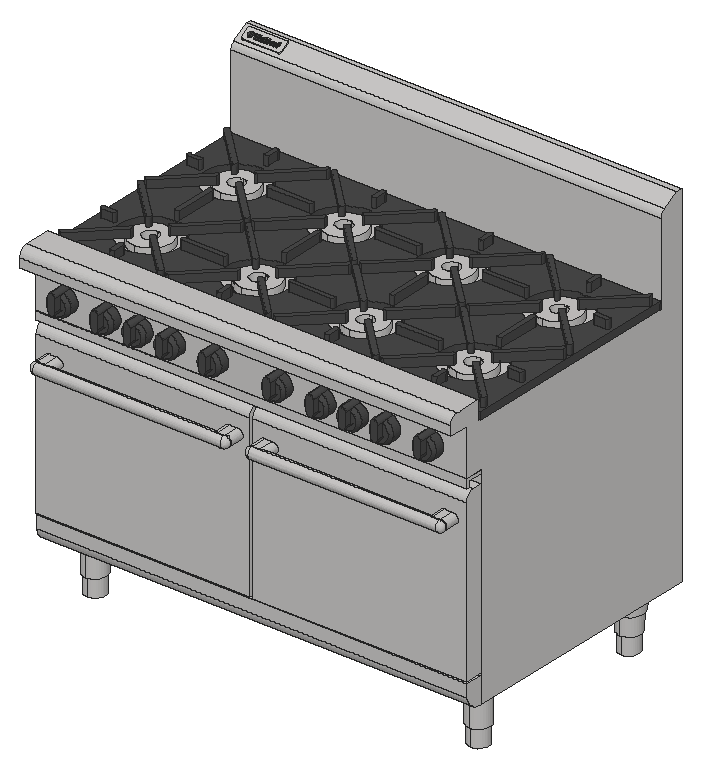
Revit family "QF_MOFFAT WALDORF_RN8820G", category Specialty Equipment, Revit 2012 (continued)
Lines and regions (mm)
  Split face 10
    outline origin (135, -16.5, 1130) x (0, -0.866025, -0.5) y (1, 0, 0)
      loop
        line (34.599, 257.5) -> (1.962, 257.5) -> (1.962, 237.5) -> (34.599, 237.5) -> (34.599, 257.5)
  Split face 11
    outline origin (189, -16.5, 1130) x (0, -0.866025, -0.5) y (1, 0, 0)
      loop
        line (34.599, 230.5) -> (1.962, 230.5) -> (1.962, 210.5) -> (34.599, 210.5) -> (34.599, 230.5)
  Split face 12
    outline origin (189, -16.5, 1130) x (0, -0.866025, -0.5) y (1, 0, 0)
      loop
        line (34.599, 257.5) -> (1.962, 257.5) -> (1.962, 237.5) -> (34.599, 237.5) -> (34.599, 257.5)
  Split face 13
    outline origin (270, -16.5, 1130) x (0, -0.866025, -0.5) y (1, 0, 0)
      loop
        line (34.599, 203.5) -> (1.962, 203.5) -> (1.962, 183.5) -> (34.599, 183.5) -> (34.599, 203.5)
  Split face 14
    outline origin (270, -16.5, 1130) x (0, -0.866025, -0.5) y (1, 0, 0)
      loop
        line (34.599, 230.5) -> (1.962, 230.5) -> (1.962, 210.5) -> (34.599, 210.5) -> (34.599, 230.5)
  Split face 15
    outline origin (270, -16.5, 1130) x (0, -0.866025, -0.5) y (1, 0, 0)
      loop
        line (34.599, 257.5) -> (1.962, 257.5) -> (1.962, 237.5) -> (34.599, 237.5) -> (34.599, 257.5)
  Split face 16
    outline origin (324, -16.5, 1130) x (0, -0.866025, -0.5) y (1, 0, 0)
      loop
        line (34.599, 230.5) -> (1.962, 230.5) -> (1.962, 210.5) -> (34.599, 210.5) -> (34.599, 230.5)
  Split face 17
    outline origin (324, -16.5, 1130) x (0, -0.866025, -0.5) y (1, 0, 0)
      loop
        line (34.599, 257.5) -> (1.962, 257.5) -> (1.962, 237.5) -> (34.599, 237.5) -> (34.599, 257.5)
  Split face 18
    outline origin (405, -16.5, 1130) x (0, -0.866025, -0.5) y (1, 0, 0)
      loop
        line (34.599, 203.5) -> (1.962, 203.5) -> (1.962, 183.5) -> (34.599, 183.5) -> (34.599, 203.5)
  Split face 19
    outline origin (405, -16.5, 1130) x (0, -0.866025, -0.5) y (1, 0, 0)
      loop
        line (34.599, 230.5) -> (1.962, 230.5) -> (1.962, 210.5) -> (34.599, 210.5) -> (34.599, 230.5)
  Split face 20
    outline origin (405, -16.5, 1130) x (0, -0.866025, -0.5) y (1, 0, 0)
      loop
        line (34.599, 257.5) -> (1.962, 257.5) -> (1.962, 237.5) -> (34.599, 237.5) -> (34.599, 257.5)
  Split face 21
    outline origin (459, -16.5, 1130) x (0, -0.866025, -0.5) y (1, 0, 0)
      loop
        line (34.599, 230.5) -> (1.962, 230.5) -> (1.962, 210.5) -> (34.599, 210.5) -> (34.599, 230.5)
  Split face 22
    outline origin (459, -16.5, 1130) x (0, -0.866025, -0.5) y (1, 0, 0)
      loop
        line (34.599, 257.5) -> (1.962, 257.5) -> (1.962, 237.5) -> (34.599, 237.5) -> (34.599, 257.5)
  Split face 23
    outline origin (540, -16.5, 1130) x (0, -0.866025, -0.5) y (1, 0, 0)
      loop
        line (34.599, 203.5) -> (1.962, 203.5) -> (1.962, 183.5) -> (34.599, 183.5) -> (34.599, 203.5)
  Split face 24
    outline origin (540, -16.5, 1130) x (0, -0.866025, -0.5) y (1, 0, 0)
      loop
        line (34.599, 230.5) -> (1.962, 230.5) -> (1.962, 210.5) -> (34.599, 210.5) -> (34.599, 230.5)
  Split face 25
    outline origin (540, -16.5, 1130) x (0, -0.866025, -0.5) y (1, 0, 0)
      loop
        line (34.599, 257.5) -> (1.962, 257.5) -> (1.962, 237.5) -> (34.599, 237.5) -> (34.599, 257.5)
  Split face 26
    outline origin (594, -16.5, 1130) x (0, -0.866025, -0.5) y (1, 0, 0)
      loop
        line (34.599, 230.5) -> (1.962, 230.5) -> (1.962, 210.5) -> (34.599, 210.5) -> (34.599, 230.5)
  Split face 27
    outline origin (594, -16.5, 1130) x (0, -0.866025, -0.5) y (1, 0, 0)
      loop
        line (34.599, 257.5) -> (1.962, 257.5) -> (1.962, 237.5) -> (34.599, 237.5) -> (34.599, 257.5)
  Split face 28
    outline origin (648, -16.5, 1130) x (0, -0.866025, -0.5) y (1, 0, 0)
      loop
        line (34.599, 230.5) -> (1.962, 230.5) -> (1.962, 210.5) -> (34.599, 210.5) -> (34.599, 230.5)
  Split face 29
    outline origin (648, -16.5, 1130) x (0, -0.866025, -0.5) y (1, 0, 0)
      loop
        line (34.599, 257.5) -> (1.962, 257.5) -> (1.962, 237.5) -> (34.599, 237.5) -> (34.599, 257.5)
  Split face 30
    outline origin (702, -16.5, 1130) x (0, -0.866025, -0.5) y (1, 0, 0)
      loop
        line (34.599, 230.5) -> (1.962, 230.5) -> (1.962, 210.5) -> (34.599, 210.5) -> (34.599, 230.5)
  Split face 31
    outline origin (702, -16.5, 1130) x (0, -0.866025, -0.5) y (1, 0, 0)
      loop
        line (34.599, 257.5) -> (1.962, 257.5) -> (1.962, 237.5) -> (34.599, 237.5) -> (34.599, 257.5)
  Split face 32
    outline origin (756, -16.5, 1130) x (0, -0.866025, -0.5) y (1, 0, 0)
      loop
        line (34.599, 230.5) -> (1.962, 230.5) -> (1.962, 210.5) -> (34.599, 210.5) -> (34.599, 230.5)
  Split face 33
    outline origin (756, -16.5, 1130) x (0, -0.866025, -0.5) y (1, 0, 0)
      loop
        line (34.599, 257.5) -> (1.962, 257.5) -> (1.962, 237.5) -> (34.599, 237.5) -> (34.599, 257.5)
  Split face 34
    outline origin (810, -16.5, 1130) x (0, -0.866025, -0.5) y (1, 0, 0)
      loop
        line (34.599, 230.5) -> (1.962, 230.5) -> (1.962, 210.5) -> (34.599, 210.5) -> (34.599, 230.5)
  Split face 35
    outline origin (810, -16.5, 1130) x (0, -0.866025, -0.5) y (1, 0, 0)
      loop
        line (34.599, 257.5) -> (1.962, 257.5) -> (1.962, 237.5) -> (34.599, 237.5) -> (34.599, 257.5)
  Split face 36
    outline origin (864, -16.5, 1130) x (0, -0.866025, -0.5) y (1, 0, 0)
      loop
        line (34.599, 230.5) -> (1.962, 230.5) -> (1.962, 210.5) -> (34.599, 210.5) -> (34.599, 230.5)
  Split face 37
    outline origin (1070, -749, 866) x (-1, 0, 0) y (0, 0, -1)
      loop
        circle (236.499, 99.286) r 6
  symbolic lines
    curve 1: line (0, 0, 0) -> (0, -805, 0)
    curve 2: line (1200, 0, 0) -> (0, 0, 0)
    curve 3: line (1200, -805, 0) -> (1200, 0, 0)
    curve 4: line (0, -70, 0) -> (1200, -70, 0)
    curve 5: line (12.5, -51.234, 0) -> (12.5, -20.958, 0)
    curve 6: line (12.5, -20.958, 0) -> (121.5, -20.958, 0)
    curve 7: line (12.5, -51.234, 0) -> (121.5, -51.234, 0)
    curve 8: line (121.5, -20.958, 0) -> (121.5, -51.234, 0)
    curve 9: line (129.583, -22.262, 0) -> (129.583, -50.526, 0)
    curve 10: line (129.583, -50.526, 0) -> (149.583, -50.526, 0)
    curve 11: line (149.583, -50.526, 0) -> (149.583, -22.262, 0)
    curve 12: line (149.583, -22.262, 0) -> (129.583, -22.262, 0)
    curve 13: line (156.5, -22.262, 0) -> (156.5, -50.526, 0)
    curve 14: line (156.5, -50.526, 0) -> (176.5, -50.526, 0)
    curve 15: line (176.5, -50.526, 0) -> (176.5, -22.262, 0)
    curve 16: line (176.5, -22.262, 0) -> (156.5, -22.262, 0)
    curve 17: line (183.5, -22.262, 0) -> (183.5, -50.526, 0)
    curve 18: line (183.5, -50.526, 0) -> (203.5, -50.526, 0)
    curve 19: line (203.5, -50.526, 0) -> (203.5, -22.262, 0)
    curve 20: line (203.5, -22.262, 0) -> (183.5, -22.262, 0)
    curve 21: line (210.5, -22.262, 0) -> (210.5, -50.526, 0)
    curve 22: line (210.5, -50.526, 0) -> (230.5, -50.526, 0)
    curve 23: line (230.5, -50.526, 0) -> (230.5, -22.262, 0)
    curve 24: line (230.5, -22.262, 0) -> (210.5, -22.262, 0)
    curve 25: line (1200, -805, 0) -> (0, -805, 0)
    curve 26: line (237.5, -22.262, 0) -> (237.5, -50.526, 0)
    curve 27: line (237.5, -50.526, 0) -> (257.5, -50.526, 0)
    curve 28: line (257.5, -50.526, 0) -> (257.5, -22.262, 0)
    curve 29: line (257.5, -22.262, 0) -> (237.5, -22.262, 0)
    curve 30: line (1200, -709, 0) -> (0, -709, 0)
    curve 31: line (0, -705.7, 0) -> (1200, -705.7, 0)
    curve 32: line (1200, -72.734, 0) -> (0, -72.734, 0)
    curve 33: arc (22.65, -805, 0) -> (34.104, -815.278, 0) -> (48.889, -819.544, 0) r 34.455
    curve 34: line (48.889, -819.544, 0) -> (535.999, -819.544, 0)
    curve 35: arc (535.999, -819.544, 0) -> (550.543, -815.647, 0) -> (561.19, -805, 0) r 29.089
    curve 36: line (6.08, -94.387, 0) -> (121.515, -209.822, 0)
    curve 37: line (293.92, -94.387, 0) -> (178.485, -209.822, 0)
    curve 38: line (6.08, -380.613, 0) -> (121.515, -265.178, 0)
    curve 39: line (293.92, -380.613, 0) -> (178.485, -265.178, 0)
    curve 40: line (362.78, -237.81, 0) -> (237.78, -237.81, 0)
    curve 41: line (362.78, -537.81, 0) -> (237.78, -537.81, 0)
    curve 42: line (6.08, -394.655, 0) -> (121.515, -510.089, 0)
    curve 43: line (293.92, -394.655, 0) -> (178.485, -510.089, 0)
    curve 44: line (6.08, -680.881, 0) -> (121.515, -565.446, 0)
    curve 45: line (293.92, -680.881, 0) -> (178.485, -565.446, 0)
    curve 46: arc (150, -294.5, 0) -> (207, -237.5, 0) -> (150, -180.5, 0) r 57
    curve 47: arc (150, -180.5, 0) -> (93, -237.5, 0) -> (150, -294.5, 0) r 57
    curve 48: arc (150, -594.5, 0) -> (207, -537.5, 0) -> (150, -480.5, 0) r 57
    curve 49: arc (150, -480.5, 0) -> (93, -537.5, 0) -> (150, -594.5, 0) r 57
    curve 50: line (264.5, -22.262, 0) -> (264.5, -50.526, 0)
    curve 51: line (264.5, -50.526, 0) -> (284.5, -50.526, 0)
    curve 52: line (284.5, -50.526, 0) -> (284.5, -22.262, 0)
    curve 53: line (284.5, -22.262, 0) -> (264.5, -22.262, 0)
    curve 54: line (291.5, -22.262, 0) -> (291.5, -50.526, 0)
    curve 55: line (291.5, -50.526, 0) -> (311.5, -50.526, 0)
    curve 56: line (311.5, -50.526, 0) -> (311.5, -22.262, 0)
    curve 57: line (311.5, -22.262, 0) -> (291.5, -22.262, 0)
    curve 58: line (318.5, -22.262, 0) -> (318.5, -50.526, 0)
    curve 59: line (318.5, -50.526, 0) -> (338.5, -50.526, 0)
    curve 60: line (338.5, -50.526, 0) -> (338.5, -22.262, 0)
    curve 61: line (338.5, -22.262, 0) -> (318.5, -22.262, 0)
    curve 62: line (345.5, -22.262, 0) -> (345.5, -50.526, 0)
    curve 63: line (345.5, -50.526, 0) -> (365.5, -50.526, 0)
    curve 64: line (365.5, -50.526, 0) -> (365.5, -22.262, 0)
    curve 65: line (365.5, -22.262, 0) -> (345.5, -22.262, 0)
    curve 66: line (372.5, -22.262, 0) -> (372.5, -50.526, 0)
    curve 67: line (372.5, -50.526, 0) -> (392.5, -50.526, 0)
    curve 68: line (392.5, -50.526, 0) -> (392.5, -22.262, 0)
    curve 69: line (392.5, -22.262, 0) -> (372.5, -22.262, 0)
    curve 70: line (399.5, -22.262, 0) -> (399.5, -50.526, 0)
    curve 71: line (399.5, -50.526, 0) -> (419.5, -50.526, 0)
    curve 72: line (419.5, -50.526, 0) -> (419.5, -22.262, 0)
    curve 73: line (419.5, -22.262, 0) -> (399.5, -22.262, 0)
    curve 74: line (426.5, -22.262, 0) -> (426.5, -50.526, 0)
    curve 75: line (426.5, -50.526, 0) -> (446.5, -50.526, 0)
    curve 76: line (446.5, -50.526, 0) -> (446.5, -22.262, 0)
    curve 77: line (446.5, -22.262, 0) -> (426.5, -22.262, 0)
    curve 78: line (453.5, -22.262, 0) -> (453.5, -50.526, 0)
    curve 79: line (453.5, -50.526, 0) -> (473.5, -50.526, 0)
    curve 80: line (473.5, -50.526, 0) -> (473.5, -22.262, 0)
    curve 81: line (473.5, -22.262, 0) -> (453.5, -22.262, 0)
    curve 82: line (480.5, -22.262, 0) -> (480.5, -50.526, 0)
    curve 83: line (480.5, -50.526, 0) -> (500.5, -50.526, 0)
    curve 84: line (500.5, -50.526, 0) -> (500.5, -22.262, 0)
    curve 85: line (500.5, -22.262, 0) -> (480.5, -22.262, 0)
    curve 86: line (507.5, -22.262, 0) -> (507.5, -50.526, 0)
    curve 87: line (507.5, -50.526, 0) -> (527.5, -50.526, 0)
    curve 88: line (527.5, -50.526, 0) -> (527.5, -22.262, 0)
    curve 89: line (527.5, -22.262, 0) -> (507.5, -22.262, 0)
    curve 90: line (534.5, -22.262, 0) -> (534.5, -50.526, 0)
    curve 91: line (534.5, -50.526, 0) -> (554.5, -50.526, 0)
    curve 92: line (554.5, -50.526, 0) -> (554.5, -22.262, 0)
    curve 93: line (554.5, -22.262, 0) -> (534.5, -22.262, 0)
    curve 94: line (561.5, -22.262, 0) -> (561.5, -50.526, 0)
    curve 95: line (561.5, -50.526, 0) -> (581.5, -50.526, 0)
    curve 96: line (581.5, -50.526, 0) -> (581.5, -22.262, 0)
    curve 97: line (581.5, -22.262, 0) -> (561.5, -22.262, 0)
    curve 98: line (588.5, -22.262, 0) -> (588.5, -50.526, 0)
    curve 99: line (588.5, -50.526, 0) -> (608.5, -50.526, 0)
    curve 100: line (608.5, -50.526, 0) -> (608.5, -22.262, 0)
    curve 101: line (608.5, -22.262, 0) -> (588.5, -22.262, 0)
    curve 102: line (615.5, -22.262, 0) -> (615.5, -50.526, 0)
    curve 103: line (615.5, -50.526, 0) -> (635.5, -50.526, 0)
    curve 104: line (635.5, -50.526, 0) -> (635.5, -22.262, 0)
    curve 105: line (635.5, -22.262, 0) -> (615.5, -22.262, 0)
    curve 106: line (642.5, -22.262, 0) -> (642.5, -50.526, 0)
    curve 107: line (642.5, -50.526, 0) -> (662.5, -50.526, 0)
    curve 108: line (662.5, -50.526, 0) -> (662.5, -22.262, 0)
    curve 109: line (662.5, -22.262, 0) -> (642.5, -22.262, 0)
    curve 110: line (669.5, -22.262, 0) -> (669.5, -50.526, 0)
    curve 111: line (669.5, -50.526, 0) -> (689.5, -50.526, 0)
    curve 112: line (689.5, -50.526, 0) -> (689.5, -22.262, 0)
    curve 113: line (689.5, -22.262, 0) -> (669.5, -22.262, 0)
    curve 114: line (696.5, -22.262, 0) -> (696.5, -50.526, 0)
    curve 115: line (696.5, -50.526, 0) -> (716.5, -50.526, 0)
    curve 116: line (716.5, -50.526, 0) -> (716.5, -22.262, 0)
    curve 117: line (716.5, -22.262, 0) -> (696.5, -22.262, 0)
    curve 118: line (723.5, -22.262, 0) -> (723.5, -50.526, 0)
    curve 119: line (723.5, -50.526, 0) -> (743.5, -50.526, 0)
    curve 120: line (743.5, -50.526, 0) -> (743.5, -22.262, 0)
    curve 121: line (743.5, -22.262, 0) -> (723.5, -22.262, 0)
    curve 122: line (750.5, -22.262, 0) -> (750.5, -50.526, 0)
    curve 123: line (750.5, -50.526, 0) -> (770.5, -50.526, 0)
    curve 124: line (770.5, -50.526, 0) -> (770.5, -22.262, 0)
    curve 125: line (770.5, -22.262, 0) -> (750.5, -22.262, 0)
    curve 126: line (777.5, -22.262, 0) -> (777.5, -50.526, 0)
    curve 127: line (777.5, -50.526, 0) -> (797.5, -50.526, 0)
    curve 128: line (797.5, -50.526, 0) -> (797.5, -22.262, 0)
    curve 129: line (797.5, -22.262, 0) -> (777.5, -22.262, 0)
    curve 130: line (804.5, -22.262, 0) -> (804.5, -50.526, 0)
    curve 131: line (804.5, -50.526, 0) -> (824.5, -50.526, 0)
    curve 132: line (824.5, -50.526, 0) -> (824.5, -22.262, 0)
    curve 133: line (824.5, -22.262, 0) -> (804.5, -22.262, 0)
    curve 134: line (831.5, -22.262, 0) -> (831.5, -50.526, 0)
    curve 135: line (831.5, -50.526, 0) -> (851.5, -50.526, 0)
    curve 136: line (851.5, -50.526, 0) -> (851.5, -22.262, 0)
    curve 137: line (851.5, -22.262, 0) -> (831.5, -22.262, 0)
    curve 138: line (858.5, -22.262, 0) -> (858.5, -50.526, 0)
    curve 139: line (858.5, -50.526, 0) -> (878.5, -50.526, 0)
    curve 140: line (878.5, -50.526, 0) -> (878.5, -22.262, 0)
    curve 141: line (878.5, -22.262, 0) -> (858.5, -22.262, 0)
    curve 142: line (885.5, -22.262, 0) -> (885.5, -50.526, 0)
    curve 143: line (885.5, -50.526, 0) -> (905.5, -50.526, 0)
    curve 144: line (905.5, -50.526, 0) -> (905.5, -22.262, 0)
    curve 145: line (905.5, -22.262, 0) -> (885.5, -22.262, 0)
    curve 146: line (912.5, -22.262, 0) -> (912.5, -50.526, 0)
    curve 147: line (912.5, -50.526, 0) -> (932.5, -50.526, 0)
    curve 148: line (932.5, -50.526, 0) -> (932.5, -22.262, 0)
    curve 149: line (932.5, -22.262, 0) -> (912.5, -22.262, 0)
    curve 150: line (939.5, -22.262, 0) -> (939.5, -50.526, 0)
    curve 151: line (939.5, -50.526, 0) -> (959.5, -50.526, 0)
    curve 152: line (959.5, -50.526, 0) -> (959.5, -22.262, 0)
    curve 153: line (959.5, -22.262, 0) -> (939.5, -22.262, 0)
    curve 154: line (966.5, -22.262, 0) -> (966.5, -50.526, 0)
    curve 155: line (966.5, -50.526, 0) -> (986.5, -50.526, 0)
    curve 156: line (986.5, -50.526, 0) -> (986.5, -22.262, 0)
    curve 157: line (986.5, -22.262, 0) -> (966.5, -22.262, 0)
    curve 158: line (993.5, -22.262, 0) -> (993.5, -50.526, 0)
    curve 159: line (993.5, -50.526, 0) -> (1013.5, -50.526, 0)
    curve 160: line (1013.5, -50.526, 0) -> (1013.5, -22.262, 0)
    curve 161: line (1013.5, -22.262, 0) -> (993.5, -22.262, 0)
    curve 162: line (1020.5, -22.262, 0) -> (1020.5, -50.526, 0)
    curve 163: line (1020.5, -50.526, 0) -> (1040.5, -50.526, 0)
    curve 164: line (1040.5, -50.526, 0) -> (1040.5, -22.262, 0)
    curve 165: line (1040.5, -22.262, 0) -> (1020.5, -22.262, 0)
    curve 166: line (1047.5, -22.262, 0) -> (1047.5, -50.526, 0)
    curve 167: line (1047.5, -50.526, 0) -> (1067.5, -50.526, 0)
    curve 168: line (1067.5, -50.526, 0) -> (1067.5, -22.262, 0)
    curve 169: line (1067.5, -22.262, 0) -> (1047.5, -22.262, 0)
    curve 170: line (1074.5, -22.262, 0) -> (1074.5, -50.526, 0)
    curve 171: line (1074.5, -50.526, 0) -> (1094.5, -50.526, 0)
    curve 172: line (1094.5, -50.526, 0) -> (1094.5, -22.262, 0)
    curve 173: line (1094.5, -22.262, 0) -> (1074.5, -22.262, 0)
    curve 174: line (306.08, -94.387, 0) -> (421.515, -209.822, 0)
    curve 175: line (593.92, -94.387, 0) -> (478.485, -209.822, 0)
    curve 176: line (306.08, -380.613, 0) -> (421.515, -265.178, 0)
    curve 177: line (593.92, -380.613, 0) -> (478.485, -265.178, 0)
    curve 178: line (662.78, -237.81, 0) -> (537.78, -237.81, 0)
    curve 179: arc (450, -294.5, 0) -> (507, -237.5, 0) -> (450, -180.5, 0) r 57
    curve 180: arc (450, -180.5, 0) -> (393, -237.5, 0) -> (450, -294.5, 0) r 57
    curve 181: arc (750, -294.5, 0) -> (807, -237.5, 0) -> (750, -180.5, 0) r 57
    curve 182: arc (750, -180.5, 0) -> (693, -237.5, 0) -> (750, -294.5, 0) r 57
    curve 183: arc (1050, -294.5, 0) -> (1107, -237.5, 0) -> (1050, -180.5, 0) r 57
    curve 184: arc (1050, -180.5, 0) -> (993, -237.5, 0) -> (1050, -294.5, 0) r 57
    curve 185: line (606.08, -94.387, 0) -> (721.515, -209.822, 0)
    curve 186: line (893.92, -94.387, 0) -> (778.485, -209.822, 0)
    curve 187: line (606.08, -380.613, 0) -> (721.515, -265.178, 0)
    curve 188: line (893.92, -380.613, 0) -> (778.485, -265.178, 0)
    curve 189: line (962.78, -237.81, 0) -> (837.78, -237.81, 0)
    curve 190: line (906.08, -94.387, 0) -> (1021.515, -209.822, 0)
    curve 191: line (1193.92, -94.387, 0) -> (1078.485, -209.822, 0)
    curve 192: line (906.08, -380.613, 0) -> (1021.515, -265.178, 0)
    curve 193: line (1193.92, -380.613, 0) -> (1078.485, -265.178, 0)
    curve 194: line (906.08, -394.387, 0) -> (1021.515, -509.822, 0)
    curve 195: line (1193.92, -394.387, 0) -> (1078.485, -509.822, 0)
    curve 196: line (906.08, -680.613, 0) -> (1021.515, -565.178, 0)
    curve 197: line (1193.92, -680.613, 0) -> (1078.485, -565.178, 0)
    curve 198: line (306.08, -394.655, 0) -> (421.515, -510.089, 0)
    curve 199: line (593.92, -394.655, 0) -> (478.485, -510.089, 0)
    curve 200: line (306.08, -680.881, 0) -> (421.515, -565.446, 0)
    curve 201: line (593.92, -680.881, 0) -> (478.485, -565.446, 0)
    curve 202: line (606.08, -394.655, 0) -> (721.515, -510.089, 0)
    curve 203: line (893.92, -394.655, 0) -> (778.485, -510.089, 0)
    curve 204: line (606.08, -680.881, 0) -> (721.515, -565.446, 0)
    curve 205: line (893.92, -680.881, 0) -> (778.485, -565.446, 0)
    curve 206: line (149.618, -450.258, 0) -> (149.618, -325.258, 0)
    curve 207: line (449.618, -450.258, 0) -> (449.618, -325.258, 0)
    curve 208: line (749.618, -450.258, 0) -> (749.618, -325.258, 0)
    curve 209: line (1049.618, -450.258, 0) -> (1049.618, -325.258, 0)
    curve 210: line (662.78, -537.81, 0) -> (537.78, -537.81, 0)
    curve 211: line (962.78, -537.81, 0) -> (837.78, -537.81, 0)
    curve 212: line (149.197, -139.807, 0) -> (149.197, -94.807, 0)
    curve 213: line (149.197, -674.807, 0) -> (149.197, -634.807, 0)
    curve 214: line (449.197, -139.807, 0) -> (449.197, -94.807, 0)
    curve 215: line (449.197, -674.807, 0) -> (449.197, -634.807, 0)
    curve 216: line (749.197, -139.807, 0) -> (749.197, -94.807, 0)
    curve 217: line (749.197, -674.807, 0) -> (749.197, -634.807, 0)
    curve 218: line (1049.197, -139.807, 0) -> (1049.197, -94.807, 0)
    curve 219: line (1049.197, -674.807, 0) -> (1049.197, -634.807, 0)
    curve 220: line (49.678, -236.51, 0) -> (14.678, -236.51, 0)
    curve 221: line (49.678, -536.51, 0) -> (14.678, -536.51, 0)
    curve 222: line (1150.322, -236.51, 0) -> (1185.322, -236.51, 0)
    curve 223: line (1150.322, -536.51, 0) -> (1185.322, -536.51, 0)
    curve 230: arc (450, -594.5, 0) -> (507, -537.5, 0) -> (450, -480.5, 0) r 57
    curve 231: arc (450, -480.5, 0) -> (393, -537.5, 0) -> (450, -594.5, 0) r 57
    curve 232: arc (750, -480.5, 0) -> (693, -537.5, 0) -> (750, -594.5, 0) r 57
    curve 233: arc (750, -594.5, 0) -> (807, -537.5, 0) -> (750, -480.5, 0) r 57
    curve 234: arc (1050, -480.5, 0) -> (993, -537.5, 0) -> (1050, -594.5, 0) r 57
    curve 235: arc (1050, -594.5, 0) -> (1107, -537.5, 0) -> (1050, -480.5, 0) r 57
    curve 236: arc (637.65, -805, 0) -> (649.104, -815.278, 0) -> (663.889, -819.544, 0) r 34.455
    curve 237: line (663.889, -819.544, 0) -> (1150.999, -819.544, 0)
    curve 238: arc (1150.999, -819.544, 0) -> (1165.543, -815.647, 0) -> (1176.19, -805, 0) r 29.089
    curve 239: line (299.864, -72.734, 0) -> (299.864, -705.7, 0)
    curve 240: line (599.864, -72.734, 0) -> (599.864, -705.7, 0)
    curve 241: line (899.864, -72.734, 0) -> (899.864, -705.7, 0)
    curve 242: line (0, -387.5, 0) -> (1200, -387.5, 0)
    curve 243: arc (1050, -322.5, 0) -> (965, -237.5, 0) -> (1050, -152.5, 0) r 85
    curve 244: arc (1050, -152.5, 0) -> (1135, -237.5, 0) -> (1050, -322.5, 0) r 85
    curve 245: arc (1050, -622.768, 0) -> (965, -537.768, 0) -> (1050, -452.768, 0) r 85
    curve 246: arc (1050, -452.768, 0) -> (1135, -537.768, 0) -> (1050, -622.768, 0) r 85
    curve 247: arc (750, -152.5, 0) -> (835, -237.5, 0) -> (750, -322.5, 0) r 85
    curve 248: arc (750, -322.5, 0) -> (665, -237.5, 0) -> (750, -152.5, 0) r 85
    curve 249: arc (750, -452.768, 0) -> (835, -537.768, 0) -> (750, -622.768, 0) r 85
    curve 250: arc (750, -622.768, 0) -> (665, -537.768, 0) -> (750, -452.768, 0) r 85
    curve 251: arc (450, -452.768, 0) -> (535, -537.768, 0) -> (450, -622.768, 0) r 85
    curve 252: arc (450, -622.768, 0) -> (365, -537.768, 0) -> (450, -452.768, 0) r 85
    curve 253: arc (450, -152.5, 0) -> (535, -237.5, 0) -> (450, -322.5, 0) r 85
    curve 254: arc (450, -322.5, 0) -> (365, -237.5, 0) -> (450, -152.5, 0) r 85
    curve 255: arc (150, -152.5, 0) -> (235, -237.5, 0) -> (150, -322.5, 0) r 85
    curve 256: arc (150, -322.5, 0) -> (65, -237.5, 0) -> (150, -152.5, 0) r 85
    curve 257: arc (150, -452.768, 0) -> (235, -537.768, 0) -> (150, -622.768, 0) r 85
    curve 258: arc (150, -622.768, 0) -> (65, -537.768, 0) -> (150, -452.768, 0) r 85
    curve 259: arc (150, -215.5, 0) -> (172, -237.5, 0) -> (150, -259.5, 0) r 22
    curve 260: arc (150, -259.5, 0) -> (128, -237.5, 0) -> (150, -215.5, 0) r 22
    curve 261: arc (450, -215.5, 0) -> (472, -237.5, 0) -> (450, -259.5, 0) r 22
    curve 262: arc (450, -259.5, 0) -> (428, -237.5, 0) -> (450, -215.5, 0) r 22
    curve 263: arc (750, -215.5, 0) -> (772, -237.5, 0) -> (750, -259.5, 0) r 22
    curve 264: arc (750, -259.5, 0) -> (728, -237.5, 0) -> (750, -215.5, 0) r 22
    curve 265: arc (1050, -215.5, 0) -> (1072, -237.5, 0) -> (1050, -259.5, 0) r 22
    curve 266: arc (1050, -259.5, 0) -> (1028, -237.5, 0) -> (1050, -215.5, 0) r 22
    curve 267: arc (1050, -515.5, 0) -> (1072, -537.5, 0) -> (1050, -559.5, 0) r 22
    curve 268: arc (1050, -559.5, 0) -> (1028, -537.5, 0) -> (1050, -515.5, 0) r 22
    curve 269: arc (750, -515.5, 0) -> (772, -537.5, 0) -> (750, -559.5, 0) r 22
    curve 270: arc (750, -559.5, 0) -> (728, -537.5, 0) -> (750, -515.5, 0) r 22
    curve 271: arc (450, -515.5, 0) -> (472, -537.5, 0) -> (450, -559.5, 0) r 22
    curve 272: arc (450, -559.5, 0) -> (428, -537.5, 0) -> (450, -515.5, 0) r 22
    curve 273: arc (150, -515.5, 0) -> (172, -537.5, 0) -> (150, -559.5, 0) r 22
    curve 274: arc (150, -559.5, 0) -> (128, -537.5, 0) -> (150, -515.5, 0) r 22
  symbolic lines, style "QF_Door-Drawer Clearances", visible <- "Show Clearance"
    curve 224: line (0, -1218.847, 0) -> (595.449, -1218.847, 0)
    curve 225: line (595.449, -1218.847, 0) -> (595.449, -805, 0)
    curve 226: line (0, -1218.847, 0) -> (0, -805, 0)
    curve 227: line (1200, -1218.847, 0) -> (604.551, -1218.847, 0)
    curve 228: line (604.551, -1218.847, 0) -> (604.551, -805, 0)
    curve 229: line (1200, -1218.847, 0) -> (1200, -805, 0)
Dimensions and locks
  equal spacing: plane 3 "LEFT", plane 7 "Center Y", plane 4 "RIGHT"
  "Width": plane 3 "LEFT" to plane 4 "RIGHT"
  equal spacing: plane 5 "FRONT", plane 8 "Center X", plane 1 "BACK"
  plane 5 "FRONT" to plane 1 "BACK" = 805 mm  (x2)
  equal spacing: plane 4 "RIGHT", plane 7 "Center Y", plane 3 "LEFT"
  plane 4 "RIGHT" to plane 3 "LEFT" = 1200 mm
  "Height": plane 6 "TOP" to level
  plane 10 to plane 1 "BACK" = 574.272 mm
  plane 12 to plane 1 "BACK" = 304.972 mm  (x2)
  plane 11 to plane 3 "LEFT" = 60 mm
  plane 14 to plane 3 "LEFT" = 74 mm
  plane 9 to plane 3 "LEFT" = 280 mm
  "Depth": plane 1 "BACK" to plane 15
  plane 15 to plane 5 "FRONT" = 0 mm
  plane 6 "TOP" to plane 2 = 1130 mm
  locked: plane 2 to Extrusion 1 sketch curve at 861.8
  locked: plane 2 to Extrusion 1 sketch curve at 915
  locked: plane 4 "RIGHT" to plane 16 at 65.5
  Extrusion 8 sketch curve to plane 20 = 64.8 mm
  aligned and locked: level to plane 2
  aligned and locked: curve 3 to plane 4 "RIGHT"
  aligned and locked: Extrusion 1 to plane 4 "RIGHT"
  aligned and locked: plane 16 to Revolve 4
  aligned and locked: plane 16 to Revolve 3
  aligned and locked: plane 4 "RIGHT" to Extrusion 8 sketch curve
  aligned and locked: Extrusion 2 to plane 4 "RIGHT"
  aligned and locked: Extrusion 31 to cut or joined group of Extrusion 2, Extrusion 16
Automatic sketch dimensions
  curve 46 to curve 256 = 0 mm  (x2)
  curve 179 to curve 254 = 0 mm  (x2)
  curve 181 to curve 247 = 0 mm
  curve 181 to curve 248 = 0 mm
  curve 183 to curve 243 = 0 mm  (x2)
  plane 1 "BACK" to curve 1 = 0 mm
  curve 1 to plane 3 "LEFT" = 0 mm
  plane 5 "FRONT" to curve 33 = 0 mm
  plane 3 "LEFT" to curve 38 = 6.08 mm
  plane 3 "LEFT" to curve 42 = 6.08 mm
  plane 3 "LEFT" to curve 36 = 6.08 mm
  plane 3 "LEFT" to curve 44 = 6.08 mm
  plane 3 "LEFT" to curve 7 = 12.5 mm
  plane 3 "LEFT" to curve 221 = 14.678 mm
  plane 3 "LEFT" to curve 220 = 14.678 mm
  plane 3 "LEFT" to curve 33 = 22.65 mm
  curve 33 to plane 11 = 11.111 mm
  curve 220 to plane 11 = 10.322 mm
  curve 221 to plane 11 = 10.322 mm
  curve 33 to plane 11 = 9.192 mm
  plane 17 to curve 8 = 11.042 mm
  plane 14 to curve 8 = 47.5 mm
  plane 10 to curve 44 = 8.826 mm
  plane 14 to curve 44 = 47.515 mm
  plane 14 to curve 36 = 47.515 mm
  plane 14 to curve 38 = 47.515 mm
  plane 14 to curve 42 = 47.515 mm
  curve 7 to curve 9 = 8.083 mm
  curve 44 to curve 213 = 27.682 mm
  plane 14 to curve 212 = 75.197 mm
  curve 9 to curve 10 = 20 mm
  curve 206 to plane 12 = 20.285 mm
  curve 38 to curve 206 = 28.103 mm
  curve 206 to curve 48 = 0.382 mm
  plane 12 to curve 47 = 10.472 mm
  curve 206 to curve 47 = 0.382 mm
  curve 206 to curve 258 = 0.382 mm
  curve 10 to curve 14 = 6.917 mm
  curve 13 to curve 14 = 20 mm
  plane 10 to curve 45 = 8.826 mm
  curve 257 to curve 45 = 28.485 mm
  plane 12 to curve 39 = 39.794 mm
  curve 256 to curve 39 = 28.485 mm
  curve 49 to curve 43 = 28.485 mm
  curve 46 to curve 37 = 28.485 mm
  curve 14 to curve 17 = 7 mm
  plane 17 to curve 20 = 9.738 mm
  curve 17 to curve 20 = 20 mm
  curve 19 to curve 24 = 7 mm
  plane 17 to curve 23 = 9.738 mm
  curve 21 to curve 23 = 20 mm
  curve 23 to curve 26 = 7 mm
  curve 40 to plane 9 = 42.22 mm
  curve 41 to plane 9 = 42.22 mm
  curve 26 to curve 28 = 20 mm
  curve 27 to curve 51 = 7 mm
  plane 9 to curve 53 = 4.5 mm
  curve 52 to curve 57 = 7 mm
  plane 9 to curve 43 = 13.92 mm
  plane 9 to curve 39 = 13.92 mm
  plane 9 to curve 45 = 13.92 mm
  plane 9 to curve 37 = 13.92 mm
  plane 9 to curve 239 = 19.864 mm
  curve 45 to curve 200 = 12.16 mm
  curve 39 to curve 176 = 12.16 mm
  curve 37 to curve 174 = 12.16 mm
  plane 8 "Center X" to curve 198 = 7.845 mm
  curve 43 to curve 198 = 12.16 mm
  plane 17 to curve 57 = 9.738 mm
  curve 54 to curve 57 = 20 mm
  curve 55 to curve 58 = 7 mm
  plane 17 to curve 60 = 9.738 mm
  curve 58 to curve 60 = 20 mm
  curve 60 to curve 65 = 7 mm
  plane 10 to curve 41 = 36.462 mm
  plane 9 to curve 41 = 82.78 mm
  plane 9 to curve 40 = 82.78 mm
  curve 62 to curve 64 = 20 mm
  curve 63 to curve 66 = 7 mm
  curve 66 to curve 68 = 20 mm
  curve 68 to curve 73 = 7 mm
  plane 17 to curve 73 = 9.738 mm
  curve 70 to curve 73 = 20 mm
  curve 40 to curve 174 = 58.735 mm
  plane 10 to curve 198 = 64.183 mm
  curve 41 to curve 198 = 58.735 mm
  plane 12 to curve 176 = 39.794 mm
  curve 176 to curve 174 = 0 mm
  plane 10 to curve 200 = 8.826 mm
  curve 200 to curve 198 = 0 mm
  curve 72 to curve 74 = 7 mm
  plane 17 to curve 77 = 9.738 mm
  curve 74 to curve 77 = 20 mm
  curve 75 to curve 214 = 2.697 mm
  curve 200 to curve 215 = 27.682 mm
  curve 198 to curve 207 = 28.103 mm
  curve 198 to curve 231 = 28.485 mm
  curve 251 to curve 230 = 0 mm
  curve 174 to curve 253 = 28.485 mm
  curve 75 to curve 78 = 7 mm
  curve 78 to curve 79 = 20 mm
  plane 12 to curve 177 = 39.794 mm
  curve 254 to curve 177 = 28.485 mm
  curve 230 to curve 199 = 28.485 mm
  plane 10 to curve 201 = 8.826 mm
  curve 251 to curve 201 = 28.485 mm
  curve 179 to curve 175 = 28.485 mm
  curve 80 to curve 82 = 7 mm
  plane 17 to curve 85 = 9.738 mm
  curve 82 to curve 85 = 20 mm
  curve 84 to curve 89 = 7 mm
  plane 17 to curve 88 = 9.738 mm
  curve 86 to curve 88 = 20 mm
  curve 87 to curve 91 = 7 mm
  curve 34 to plane 7 "Center Y" = 64.001 mm
  curve 210 to plane 7 "Center Y" = 62.22 mm
  curve 178 to plane 7 "Center Y" = 62.22 mm
  plane 17 to curve 92 = 9.738 mm
  curve 90 to curve 92 = 20 mm
  curve 35 to curve 35 = 25.191 mm
  curve 91 to curve 94 = 7 mm
  curve 96 to plane 7 "Center Y" = 18.5 mm
  curve 96 to curve 101 = 7 mm
  curve 199 to plane 7 "Center Y" = 6.08 mm
  curve 177 to plane 7 "Center Y" = 6.08 mm
  curve 175 to plane 7 "Center Y" = 6.08 mm
  curve 201 to plane 7 "Center Y" = 6.08 mm
  curve 224 to plane 7 "Center Y" = 4.551 mm
  curve 240 to plane 7 "Center Y" = 0.136 mm
  plane 7 "Center Y" to curve 228 = 4.551 mm
  plane 7 "Center Y" to curve 187 = 6.08 mm
  plane 7 "Center Y" to curve 185 = 6.08 mm
  plane 7 "Center Y" to curve 202 = 6.08 mm
  plane 7 "Center Y" to curve 204 = 6.08 mm
  plane 7 "Center Y" to curve 100 = 8.5 mm
  curve 100 to curve 102 = 7 mm
  plane 17 to curve 105 = 9.738 mm
  curve 102 to curve 105 = 20 mm
  curve 228 to curve 236 = 33.1 mm
  curve 104 to curve 109 = 7 mm
  plane 17 to curve 108 = 9.738 mm
  curve 106 to curve 108 = 20 mm
  plane 7 "Center Y" to curve 178 = 62.78 mm
  plane 7 "Center Y" to curve 210 = 62.78 mm
  plane 5 "FRONT" to curve 236 = 14.544 mm
  curve 236 to curve 236 = 26.239 mm
  curve 236 to plane 5 "FRONT" = 19.857 mm
  curve 108 to curve 113 = 7 mm
  curve 110 to curve 111 = 20 mm
  curve 111 to curve 115 = 7 mm
  curve 114 to curve 115 = 20 mm
  plane 12 to curve 187 = 39.794 mm
  curve 178 to curve 187 = 58.735 mm
  plane 10 to curve 204 = 8.826 mm
  curve 210 to curve 204 = 58.735 mm
  curve 202 to curve 204 = 0 mm
  curve 185 to curve 187 = 0 mm
  curve 116 to curve 121 = 7 mm
  plane 17 to curve 121 = 9.738 mm
  curve 118 to curve 121 = 20 mm
  curve 204 to curve 217 = 27.682 mm
  curve 185 to curve 216 = 27.682 mm
  curve 208 to plane 12 = 20.285 mm
  curve 187 to curve 208 = 28.103 mm
  curve 185 to curve 247 = 28.485 mm
  curve 208 to curve 233 = 0.382 mm
  curve 249 to curve 232 = 0 mm
  curve 119 to curve 122 = 7 mm
  curve 122 to curve 123 = 20 mm
  curve 123 to curve 126 = 7 mm
  plane 12 to curve 188 = 39.794 mm
  curve 181 to curve 188 = 28.485 mm
  plane 10 to curve 203 = 64.183 mm
  curve 232 to curve 203 = 28.485 mm
  plane 10 to curve 205 = 8.826 mm
  curve 249 to curve 205 = 28.485 mm
  curve 181 to curve 186 = 28.485 mm
  curve 126 to curve 128 = 20 mm
  curve 127 to curve 130 = 7 mm
  curve 130 to curve 132 = 20 mm
  curve 132 to curve 137 = 7 mm
  curve 188 to curve 189 = 59.295 mm
  curve 205 to curve 211 = 59.295 mm
  curve 134 to curve 135 = 20 mm
  curve 136 to curve 138 = 7 mm
  plane 17 to curve 141 = 9.738 mm
  curve 138 to curve 141 = 20 mm
  curve 139 to curve 143 = 7 mm
  curve 188 to plane 13 = 15.641 mm
  curve 189 to curve 188 = 56.14 mm
  plane 8 "Center X" to curve 203 = 7.845 mm
  curve 203 to curve 188 = 0 mm
  curve 205 to plane 10 = 106.609 mm
  curve 217 to curve 205 = 144.723 mm
  curve 186 to plane 17 = 62.387 mm
  curve 142 to curve 186 = 8.42 mm
  curve 205 to curve 241 = 5.944 mm
  curve 142 to curve 144 = 20 mm
  curve 196 to plane 10 = 106.341 mm
  curve 205 to curve 196 = 12.16 mm
  plane 8 "Center X" to curve 194 = 8.113 mm
  curve 203 to curve 194 = 12.16 mm
  curve 192 to plane 13 = 15.641 mm
  curve 188 to curve 192 = 12.16 mm
  curve 190 to plane 17 = 62.387 mm
  curve 186 to curve 190 = 12.16 mm
  curve 144 to curve 146 = 7 mm
  curve 146 to curve 147 = 20 mm
  curve 148 to curve 153 = 7 mm
  plane 17 to curve 153 = 9.738 mm
  curve 150 to curve 153 = 20 mm
  curve 189 to curve 189 = 125 mm
  plane 10 to curve 211 = 36.462 mm
  curve 211 to curve 211 = 125 mm
  curve 152 to curve 157 = 7 mm
  curve 154 to curve 156 = 20 mm
  curve 156 to curve 158 = 7 mm
  plane 17 to curve 160 = 9.738 mm
  curve 158 to curve 160 = 20 mm
  curve 159 to curve 162 = 7 mm
  plane 12 to curve 192 = 39.794 mm
  curve 189 to curve 192 = 58.735 mm
  curve 190 to curve 192 = 0 mm
  curve 211 to curve 194 = 58.735 mm
  plane 10 to curve 196 = 9.094 mm
  curve 196 to curve 194 = 0 mm
  curve 162 to curve 163 = 20 mm
  curve 163 to curve 167 = 7 mm
  curve 196 to curve 219 = 27.682 mm
  curve 190 to curve 218 = 27.682 mm
  curve 194 to curve 209 = 28.103 mm
  curve 209 to curve 235 = 0.382 mm
  curve 190 to curve 183 = 28.485 mm
  curve 219 to curve 246 = 0.803 mm
  curve 166 to curve 167 = 20 mm
  curve 168 to curve 170 = 7 mm
  curve 234 to curve 195 = 28.485 mm
  curve 183 to curve 193 = 28.485 mm
  curve 244 to curve 191 = 28.485 mm
  plane 10 to curve 197 = 9.094 mm
  curve 245 to curve 197 = 28.485 mm
  curve 170 to curve 172 = 20 mm
  plane 16 to curve 223 = 15.822 mm
  plane 16 to curve 222 = 15.822 mm
  plane 16 to curve 238 = 16.499 mm
  plane 4 "RIGHT" to curve 238 = 23.81 mm
  plane 4 "RIGHT" to curve 222 = 14.678 mm
  plane 4 "RIGHT" to curve 223 = 14.678 mm
  plane 4 "RIGHT" to curve 197 = 6.08 mm
  plane 4 "RIGHT" to curve 191 = 6.08 mm
  plane 4 "RIGHT" to curve 195 = 6.08 mm
  plane 4 "RIGHT" to curve 193 = 6.08 mm
  plane 5 "FRONT" to curve 35 = 14.544 mm
  curve 224 to curve 34 = 399.303 mm
  curve 229 to curve 237 = 399.303 mm
  curve 238 to curve 30 = 81.456 mm
  curve 30 to curve 31 = 3.3 mm
  curve 239 to curve 45 = 24.819 mm
  curve 240 to curve 204 = 24.819 mm
  curve 45 to curve 200 = 0 mm
  curve 201 to curve 204 = 0 mm
  curve 31 to curve 44 = 24.819 mm
  curve 31 to curve 197 = 25.087 mm
  curve 219 to plane 10 = 100.535 mm
  curve 215 to plane 10 = 100.535 mm
  curve 217 to plane 10 = 100.535 mm
  curve 213 to plane 10 = 100.535 mm
  curve 213 to curve 213 = 40 mm
  curve 217 to curve 217 = 40 mm
  curve 215 to curve 215 = 40 mm
  curve 219 to curve 219 = 40 mm
  curve 217 to curve 250 = 12.039 mm
  curve 213 to curve 258 = 12.039 mm
  curve 215 to curve 251 = 12.039 mm
  curve 219 to curve 245 = 12.039 mm
  curve 235 to plane 10 = 20.228 mm
  curve 48 to plane 10 = 20.228 mm
  curve 232 to plane 10 = 20.228 mm
  curve 230 to plane 10 = 20.228 mm
  plane 10 to curve 210 = 36.462 mm
  plane 10 to curve 249 = 36.504 mm
  plane 10 to curve 251 = 36.504 mm
  plane 10 to curve 245 = 36.504 mm
  plane 10 to curve 257 = 36.504 mm
  curve 245 to curve 235 = 0.268 mm
  curve 251 to curve 230 = 0.268 mm
  curve 249 to curve 232 = 0.268 mm
  curve 257 to curve 49 = 0.268 mm
  plane 10 to curve 223 = 37.763 mm
  plane 10 to curve 221 = 37.763 mm
  curve 230 to curve 199 = 27.411 mm
  curve 232 to curve 202 = 27.411 mm
  curve 49 to curve 42 = 27.411 mm
  curve 49 to curve 43 = 27.411 mm
  curve 234 to curve 195 = 27.678 mm
  curve 235 to curve 194 = 27.678 mm
  curve 258 to curve 206 = 2.51 mm
  curve 252 to curve 207 = 2.51 mm
  curve 245 to curve 209 = 2.51 mm
  curve 250 to curve 208 = 2.51 mm
  plane 8 "Center X" to curve 199 = 7.845 mm
  plane 8 "Center X" to curve 42 = 7.845 mm
  plane 8 "Center X" to curve 43 = 7.845 mm
  plane 8 "Center X" to curve 202 = 7.845 mm
  plane 8 "Center X" to curve 195 = 8.113 mm
  curve 195 to curve 242 = 6.887 mm
  curve 242 to curve 38 = 6.887 mm
  curve 242 to curve 193 = 6.887 mm
  curve 199 to curve 177 = 14.041 mm
  curve 177 to curve 187 = 0 mm
  curve 198 to curve 176 = 14.041 mm
  curve 39 to curve 176 = 0 mm
  curve 207 to plane 12 = 20.285 mm
  curve 209 to plane 12 = 20.285 mm
  curve 206 to curve 255 = 2.758 mm
  curve 209 to curve 244 = 2.758 mm
  curve 208 to curve 247 = 2.758 mm
  curve 207 to curve 254 = 2.758 mm
  plane 12 to curve 183 = 10.472 mm
  plane 12 to curve 182 = 10.472 mm
  plane 12 to curve 180 = 10.472 mm
  plane 12 to curve 193 = 39.794 mm
  plane 12 to curve 38 = 39.794 mm
  curve 192 to curve 189 = 27.368 mm
  curve 176 to curve 40 = 27.368 mm
  curve 177 to curve 178 = 27.368 mm
  curve 187 to curve 248 = 27.678 mm
  curve 176 to curve 253 = 27.678 mm
  curve 38 to curve 47 = 27.678 mm
  curve 192 to curve 244 = 27.678 mm
  plane 12 to curve 222 = 68.463 mm
  plane 12 to curve 220 = 68.463 mm
  curve 46 to curve 37 = 27.678 mm
  curve 179 to curve 175 = 27.678 mm
  curve 179 to curve 174 = 27.678 mm
  curve 244 to curve 190 = 27.678 mm
  curve 46 to curve 36 = 27.678 mm
  curve 248 to curve 185 = 27.678 mm
  curve 181 to curve 186 = 27.678 mm
  curve 244 to curve 191 = 27.678 mm
  curve 244 to curve 218 = 12.693 mm
  curve 247 to curve 216 = 12.693 mm
  curve 255 to curve 212 = 12.693 mm
  curve 253 to curve 214 = 12.693 mm
  curve 212 to curve 212 = 45 mm
  curve 214 to curve 214 = 45 mm
  curve 218 to curve 218 = 45 mm
  curve 216 to curve 216 = 45 mm
  curve 191 to plane 17 = 62.387 mm
  curve 185 to plane 17 = 62.387 mm
  curve 175 to curve 185 = 0 mm
  curve 174 to plane 17 = 62.387 mm
  curve 37 to curve 174 = 0 mm
  curve 36 to plane 17 = 62.387 mm
  curve 186 to curve 241 = 21.653 mm
  curve 32 to curve 4 = 2.734 mm
  curve 5 to plane 17 = 19.234 mm
  curve 112 to plane 17 = 18.526 mm
  curve 126 to plane 17 = 18.526 mm
  curve 17 to plane 17 = 18.526 mm
  curve 127 to curve 130 = 0 mm
  curve 26 to plane 17 = 18.526 mm
  curve 131 to curve 134 = 0 mm
  curve 108 to curve 110 = 0 mm
  curve 15 to curve 17 = 0 mm
  curve 135 to curve 138 = 0 mm
  curve 139 to curve 142 = 0 mm
  curve 122 to plane 17 = 18.526 mm
  curve 120 to curve 122 = 0 mm
  curve 104 to curve 106 = 0 mm
  curve 143 to curve 146 = 0 mm
  curve 147 to curve 150 = 0 mm
  curve 100 to curve 102 = 0 mm
  curve 151 to curve 154 = 0 mm
  curve 11 to curve 13 = 0 mm
  curve 96 to curve 98 = 0 mm
  curve 155 to curve 158 = 0 mm
  curve 159 to curve 162 = 0 mm
  curve 23 to curve 26 = 0 mm
  curve 92 to curve 94 = 0 mm
  curve 163 to curve 166 = 0 mm
  curve 167 to curve 170 = 0 mm
  curve 88 to curve 90 = 0 mm
  curve 115 to curve 118 = 0 mm
  curve 84 to curve 86 = 0 mm
  curve 80 to curve 82 = 0 mm
  curve 27 to curve 50 = 0 mm
  curve 76 to curve 78 = 0 mm
  curve 72 to curve 74 = 0 mm
  curve 68 to curve 70 = 0 mm
  curve 64 to curve 66 = 0 mm
  curve 60 to curve 62 = 0 mm
  curve 56 to curve 58 = 0 mm
  plane 17 to curve 173 = 9.738 mm
  plane 17 to curve 169 = 9.738 mm
  curve 160 to curve 165 = 0 mm
  curve 152 to curve 157 = 0 mm
  plane 17 to curve 149 = 9.738 mm
  curve 140 to curve 145 = 0 mm
  plane 17 to curve 137 = 9.738 mm
  plane 17 to curve 133 = 9.738 mm
  plane 17 to curve 129 = 9.738 mm
  curve 120 to curve 125 = 0 mm
  plane 17 to curve 117 = 9.738 mm
  curve 108 to curve 113 = 0 mm
  plane 17 to curve 101 = 9.738 mm
  curve 92 to curve 97 = 0 mm
  curve 76 to curve 81 = 0 mm
  plane 17 to curve 69 = 9.738 mm
  curve 60 to curve 65 = 0 mm
  plane 17 to curve 53 = 9.738 mm
  curve 23 to curve 29 = 0 mm
  plane 17 to curve 16 = 9.738 mm
  curve 12 to curve 6 = 1.304 mm
  Extrusion 1 sketch curve to plane 5 "FRONT" = 0 mm
  Extrusion 1 sketch curve to plane 6 "TOP" = 0 mm
  Extrusion 1 sketch curve to plane 1 "BACK" = 0 mm
  Extrusion 1 sketch curve to plane 5 "FRONT" = 24 mm
  Extrusion 1 sketch curve to plane 5 "FRONT" = 56 mm
  Extrusion 1 sketch curve to Extrusion 1 sketch curve = 0 mm
  Extrusion 1 sketch curve to plane 5 "FRONT" = 58.27 mm
  Extrusion 1 sketch curve to Extrusion 1 sketch curve = 6.387 mm
  Extrusion 1 sketch curve to Extrusion 1 sketch curve = 8.776 mm
  Extrusion 1 sketch curve to Extrusion 1 sketch curve = 40 mm
  Extrusion 1 sketch curve to Extrusion 1 sketch curve = 43.174 mm
  Extrusion 1 sketch curve to Extrusion 1 sketch curve = 2.626 mm
  Extrusion 1 sketch curve to Extrusion 1 sketch curve = 41.683 mm
  Extrusion 1 sketch curve to Extrusion 1 sketch curve = 4.2 mm  (x2)
  Extrusion 1 sketch curve to plane 17 = 38 mm
  Extrusion 1 sketch curve to Extrusion 1 sketch curve = 11.291 mm
  Extrusion 1 sketch curve to plane 17 = 15.418 mm
  plane 17 to Extrusion 1 sketch curve = 15.5 mm
  plane 18 to Extrusion 1 sketch curve = 81.219 mm
  Extrusion 1 sketch curve to Extrusion 1 sketch curve = 2.216 mm
  Extrusion 1 sketch curve to Extrusion 1 sketch curve = 7.004 mm
  Extrusion 1 sketch curve to Extrusion 1 sketch curve = 16.999 mm
  level to Extrusion 1 sketch curve = 222.5 mm
  Extrusion 1 sketch curve to Extrusion 1 sketch curve = 28.982 mm
  Extrusion 1 sketch curve to Extrusion 1 sketch curve = 34.5 mm
  Extrusion 1 sketch curve to Extrusion 1 sketch curve = 0.071 mm
  Extrusion 1 sketch curve to plane 6 "TOP" = 43.926 mm
  Extrusion 1 to Split face 1 sketch curve = 1.962 mm
  Split face 1 sketch curve to Extrusion 1 = 14.14 mm
  Split face 1 sketch curve to Extrusion 1 = 129.583 mm
  Split face 1 sketch curve to Split face 1 sketch curve = 20 mm
  Extrusion 1 to Split face 2 sketch curve = 1.962 mm
  Split face 2 sketch curve to Extrusion 1 = 14.14 mm
  Split face 2 sketch curve to Extrusion 1 = 156.5 mm
  Split face 2 sketch curve to Split face 2 sketch curve = 20 mm
  Extrusion 1 to Split face 3 sketch curve = 1.962 mm
  Split face 3 sketch curve to Extrusion 1 = 14.14 mm
  Split face 3 sketch curve to Extrusion 1 = 183.5 mm
  Split face 3 sketch curve to Split face 3 sketch curve = 20 mm
  Extrusion 1 to Split face 4 sketch curve = 1.962 mm
  Split face 4 sketch curve to Extrusion 1 = 14.14 mm
  Split face 4 sketch curve to Extrusion 1 = 210.5 mm
  Split face 4 sketch curve to Split face 4 sketch curve = 20 mm
  Extrusion 1 to Split face 5 sketch curve = 1.962 mm
  Split face 5 sketch curve to Extrusion 1 = 14.14 mm
  Split face 5 sketch curve to Extrusion 1 = 237.5 mm
  Split face 5 sketch curve to Split face 5 sketch curve = 20 mm
  plane 18 to Extrusion 2 sketch curve = 21 mm
  Extrusion 2 sketch curve to plane 5 "FRONT" = 56 mm
  Extrusion 2 sketch curve to Extrusion 2 sketch curve = 24 mm
  Extrusion 2 sketch curve to Extrusion 2 sketch curve = 50 mm
  level to Extrusion 2 sketch curve = 227.5 mm
  Revolve 3 sketch curve to level = 0 mm
  Revolve 3 sketch curve to plane 17 = 110.753 mm
  Revolve 3 sketch curve to Revolve 3 sketch curve = 4.159 mm
  Revolve 3 sketch curve to Revolve 3 sketch curve = 5.012 mm
  Revolve 3 sketch curve to Revolve 3 sketch curve = 1.832 mm
  Revolve 3 sketch curve to Revolve 3 sketch curve = 4.25 mm
  Revolve 3 sketch curve to Revolve 3 sketch curve = 42.753 mm
  Revolve 3 sketch curve to Revolve 3 sketch curve = 0 mm  (x2)
  level to Revolve 3 sketch curve = 50 mm
  Revolve 3 sketch curve to Revolve 3 sketch curve = 52.468 mm
  Revolve 3 sketch curve to Revolve 3 sketch curve = 47.532 mm
  Revolve 3 sketch curve to Revolve 3 sketch curve = 55 mm
  Revolve 4 sketch curve to level = 0 mm
  Revolve 4 sketch curve to plane 10 = 82.478 mm
  Revolve 4 sketch curve to Revolve 4 sketch curve = 4.25 mm
  Revolve 4 sketch curve to Revolve 4 sketch curve = 27.5 mm  (x2)
  level to Revolve 4 sketch curve = 50 mm
  Revolve 4 sketch curve to Revolve 4 sketch curve = 0 mm
  Revolve 4 sketch curve to Revolve 4 sketch curve = 100 mm
  Revolve 4 sketch curve to Revolve 4 sketch curve = 55 mm
  Revolve 5 sketch curve to level = 0 mm
  Revolve 5 sketch curve to plane 17 = 110.753 mm
  Revolve 5 sketch curve to Revolve 5 sketch curve = 0 mm  (x3)
  Revolve 5 sketch curve to Revolve 5 sketch curve = 4.159 mm
  Revolve 5 sketch curve to Revolve 5 sketch curve = 5.012 mm
  Revolve 5 sketch curve to Revolve 5 sketch curve = 1.832 mm
  Revolve 5 sketch curve to Revolve 5 sketch curve = 4.25 mm
  Revolve 5 sketch curve to Revolve 5 sketch curve = 42.753 mm
  Revolve 5 sketch curve to level = 55 mm
  Revolve 5 sketch curve to Revolve 5 sketch curve = 50 mm
  Revolve 5 sketch curve to Revolve 5 sketch curve = 52.468 mm
  Revolve 5 sketch curve to Revolve 5 sketch curve = 47.532 mm
  Revolve 6 sketch curve to level = 0 mm
  Revolve 6 sketch curve to plane 10 = 82.478 mm
  Revolve 6 sketch curve to Revolve 6 sketch curve = 4.25 mm
  Revolve 6 sketch curve to Revolve 6 sketch curve = 27.5 mm  (x2)
  Revolve 6 sketch curve to level = 55 mm
  Revolve 6 sketch curve to Revolve 6 sketch curve = 50 mm
  Revolve 6 sketch curve to Revolve 6 sketch curve = 0 mm
  Revolve 6 sketch curve to Revolve 6 sketch curve = 100 mm
  Extrusion 7 sketch curve to plane 17 = 0 mm
  Extrusion 7 sketch curve to plane 16 = 64.5 mm
  plane 3 "LEFT" to Extrusion 8 sketch curve = 4 mm
  Extrusion 8 sketch curve to plane 17 = 39 mm
  Extrusion 8 sketch curve to Extrusion 8 sketch curve = 3 mm
  plane 12 to Extrusion 8 sketch curve = 67.472 mm  (x4)
  plane 10 to Extrusion 8 sketch curve = 36.504 mm  (x4)
  Extrusion 8 sketch curve to plane 5 "FRONT" = 104 mm  (x2)
  plane 4 "RIGHT" to Extrusion 8 sketch curve = 3 mm
  plane 14 to Extrusion 8 sketch curve = 76 mm  (x2)
  Extrusion 8 sketch curve to plane 7 "Center Y" = 150 mm  (x2)
  plane 7 "Center Y" to Extrusion 8 sketch curve = 150 mm  (x2)
  Extrusion 8 sketch curve to plane 16 = 84.5 mm  (x2)
  Extrusion 9 sketch curve to plane 17 = 61.602 mm  (x5)
  Extrusion 9 sketch curve to Extrusion 9 sketch curve = 0 mm  (x23)
  plane 3 "LEFT" to Extrusion 9 sketch curve = 15.153 mm
  Extrusion 9 sketch curve to plane 7 "Center Y" = 15.153 mm  (x2)
  plane 7 "Center Y" to Extrusion 9 sketch curve = 15.153 mm
  plane 4 "RIGHT" to Extrusion 9 sketch curve = 15.153 mm  (x2)
  plane 9 to Extrusion 9 sketch curve = 4.847 mm  (x3)
  Extrusion 9 sketch curve to Extrusion 9 sketch curve = 4.525 mm  (x48)
  Extrusion 9 sketch curve to plane 17 = 69.898 mm  (x4)
  Extrusion 9 sketch curve to Extrusion 9 sketch curve = 31.204 mm  (x8)
  Extrusion 9 sketch curve to Extrusion 9 sketch curve = 68.424 mm  (x4)
  plane 4 "RIGHT" to Extrusion 9 sketch curve = 15.974 mm  (x2)
  plane 12 to Extrusion 9 sketch curve = 74.863 mm  (x2)
  plane 3 "LEFT" to Extrusion 9 sketch curve = 17.224 mm  (x2)
  Extrusion 9 sketch curve to Extrusion 9 sketch curve = 20.524 mm  (x8)
  Extrusion 9 sketch curve to Extrusion 9 sketch curve = 6.4 mm  (x22)
  plane 12 to Extrusion 9 sketch curve = 40.548 mm  (x8)
  Extrusion 9 sketch curve to plane 12 = 24.426 mm  (x4)
  Extrusion 9 sketch curve to plane 13 = 7.374 mm  (x8)
  plane 8 "Center X" to Extrusion 9 sketch curve = 8.898 mm  (x8)
  plane 8 "Center X" to Extrusion 9 sketch curve = 4.372 mm  (x8)
  Extrusion 9 sketch curve to plane 8 "Center X" = 43.102 mm  (x4)
  Extrusion 9 sketch curve to Extrusion 9 sketch curve = 55.923 mm  (x12)
  plane 10 to Extrusion 9 sketch curve = 44.163 mm  (x2)
  Extrusion 9 sketch curve to plane 11 = 11.572 mm  (x2)
  plane 10 to Extrusion 9 sketch curve = 43.172 mm  (x3)
  plane 10 to Extrusion 9 sketch curve = 9.848 mm  (x8)
  plane 10 to Extrusion 9 sketch curve = 5.323 mm  (x8)
  Extrusion 9 sketch curve to plane 10 = 65.535 mm  (x4)
  plane 3 "LEFT" to Extrusion 9 sketch curve = 6.102 mm  (x3)
  Extrusion 9 sketch curve to plane 10 = 98.074 mm  (x5)
  plane 7 "Center Y" to Extrusion 9 sketch curve = 6.102 mm  (x3)
  plane 9 to Extrusion 9 sketch curve = 13.898 mm
  plane 4 "RIGHT" to Extrusion 9 sketch curve = 6.102 mm
  Extrusion 9 sketch curve to plane 7 "Center Y" = 6.102 mm
  plane 14 to Extrusion 9 sketch curve = 40.025 mm  (x4)
  plane 14 to Extrusion 9 sketch curve = 69.6 mm
  Extrusion 9 sketch curve to Extrusion 9 sketch curve = 53.847 mm  (x16)
  Extrusion 9 sketch curve to plane 9 = 38.102 mm  (x2)
  Extrusion 9 sketch curve to Extrusion 9 sketch curve = 12.205 mm  (x8)
  plane 9 to Extrusion 9 sketch curve = 78.102 mm  (x2)
  Extrusion 9 sketch curve to Extrusion 9 sketch curve = 19.721 mm  (x5)
  Extrusion 9 sketch curve to plane 7 "Center Y" = 58.102 mm  (x2)
  plane 7 "Center Y" to Extrusion 9 sketch curve = 58.102 mm  (x2)
  Extrusion 9 sketch curve to Extrusion 9 sketch curve = 128.447 mm
  Extrusion 9 sketch curve to Extrusion 9 sketch curve = 129.249 mm  (x2)
  Extrusion 9 sketch curve to Extrusion 9 sketch curve = 116.204 mm  (x2)
  Extrusion 9 sketch curve to plane 16 = 91.703 mm
  plane 16 to Extrusion 9 sketch curve = 18.322 mm  (x2)
  Extrusion 1 to Split face 6 sketch curve = 1.962 mm
  Split face 6 sketch curve to Extrusion 1 = 14.14 mm
  Split face 6 sketch curve to Extrusion 1 = 264.5 mm
  Split face 6 sketch curve to Split face 6 sketch curve = 20 mm
  Extrusion 1 to Split face 7 sketch curve = 1.962 mm
  Split face 7 sketch curve to Extrusion 1 = 14.14 mm
  Split face 7 sketch curve to Extrusion 1 = 291.5 mm
  Split face 7 sketch curve to Split face 7 sketch curve = 20 mm
  Extrusion 1 to Split face 8 sketch curve = 1.962 mm
  Split face 8 sketch curve to Extrusion 1 = 14.14 mm
  Split face 8 sketch curve to Extrusion 1 = 318.5 mm
  Split face 8 sketch curve to Split face 8 sketch curve = 20 mm
  Extrusion 1 to Split face 9 sketch curve = 1.962 mm
  Split face 9 sketch curve to Extrusion 1 = 14.14 mm
  Split face 9 sketch curve to Extrusion 1 = 345.5 mm
  Split face 9 sketch curve to Split face 9 sketch curve = 20 mm
  Extrusion 1 to Split face 10 sketch curve = 1.962 mm
  Split face 10 sketch curve to Extrusion 1 = 14.14 mm
  Split face 10 sketch curve to Extrusion 1 = 372.5 mm
  Split face 10 sketch curve to Split face 10 sketch curve = 20 mm
  Extrusion 1 to Split face 11 sketch curve = 1.962 mm
  Split face 11 sketch curve to Extrusion 1 = 14.14 mm
  Split face 11 sketch curve to Extrusion 1 = 399.5 mm
  Split face 11 sketch curve to Split face 11 sketch curve = 20 mm
  Extrusion 1 to Split face 12 sketch curve = 1.962 mm
  Split face 12 sketch curve to Extrusion 1 = 14.14 mm
  Split face 12 sketch curve to Extrusion 1 = 426.5 mm
  Split face 12 sketch curve to Split face 12 sketch curve = 20 mm
  Extrusion 1 to Split face 13 sketch curve = 1.962 mm
  Split face 13 sketch curve to Extrusion 1 = 14.14 mm
  Split face 13 sketch curve to Extrusion 1 = 453.5 mm
  Split face 13 sketch curve to Split face 13 sketch curve = 20 mm
  Extrusion 1 to Split face 14 sketch curve = 1.962 mm
  Split face 14 sketch curve to Extrusion 1 = 14.14 mm
  Split face 14 sketch curve to Extrusion 1 = 480.5 mm
  Split face 14 sketch curve to Split face 14 sketch curve = 20 mm
  Extrusion 1 to Split face 15 sketch curve = 1.962 mm
  Split face 15 sketch curve to Extrusion 1 = 14.14 mm
  Split face 15 sketch curve to Extrusion 1 = 507.5 mm
  Split face 15 sketch curve to Split face 15 sketch curve = 20 mm
  Extrusion 1 to Split face 16 sketch curve = 1.962 mm
  Split face 16 sketch curve to Extrusion 1 = 14.14 mm
  Split face 16 sketch curve to Extrusion 1 = 534.5 mm
  Split face 16 sketch curve to Split face 16 sketch curve = 20 mm
  Extrusion 1 to Split face 17 sketch curve = 1.962 mm
  Split face 17 sketch curve to Extrusion 1 = 14.14 mm
  Split face 17 sketch curve to Extrusion 1 = 561.5 mm
  Split face 17 sketch curve to Split face 17 sketch curve = 20 mm
  Extrusion 1 to Split face 18 sketch curve = 1.962 mm
  Split face 18 sketch curve to Extrusion 1 = 14.14 mm
  Split face 18 sketch curve to Extrusion 1 = 588.5 mm
  Split face 18 sketch curve to Split face 18 sketch curve = 20 mm
  Extrusion 1 to Split face 19 sketch curve = 1.962 mm
  Split face 19 sketch curve to Extrusion 1 = 14.14 mm
